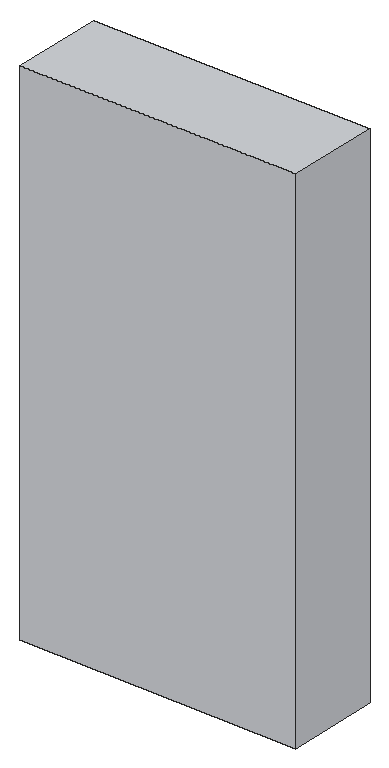
Revit family "NRG_Zentrale_V1700", category Notrufgeräte, Revit 2017
Family settings
  Beschriftungsausrichtung beibehalten = Nein
  Bemaßung runder Anschluss = Durchmesser verwenden
  Teiletyp = Normal
  OmniClass-Nummer = 23.85.30.24
  OmniClass-Titel = Emergency Call Systems
  Arbeitsebenenbasiert = Ja
  Immer vertikal = Ja
  Beim Laden mit Abzugskörper schneiden = Ja
  Gemeinsam genutzt = Nein
  Raumberechnungspunkt = Nein
Parameters (values of type "Zentrale_SR")
  pbr_Material_KZ = ""
  pbr_Material = none
  pbr_E_Typ = ""
  pbr_E_KZ = ""
  pbr_DINBild = 0
  pbr_Bild = 0
  pbr_3Dx_Delta_Korrekturversatz [instance] = 0 mm
  pbr_3DX_Versatzfaktor [instance] = 0
  pbr_2DY_Versatzfaktor [instance] = 0
  pbr_2DX_Versatzfaktor [instance] = 0
  lfd_STRK [instance] = 0
  cpiFitMatchKey [instance] = "E-UVT"  # constant formula
  YFrontversatz [instance] = if(pbr_2DY_Versatzfaktor = 300, 0 mm, pbr_2DY_Versatzfaktor * 300 mm)  # 0 mm
  XSeitenversatz [instance] = 0 mm
  X3Dversatz [instance] = if([3DX_Versatzkontrolle] = 0, 2000 mm, 2000 mm + ([3DX_Versatzkontrolle] * (300 mm - Breite))) + pbr_3Dx_Delta_Korrekturversatz  # 2000 mm
  Vorgabe-Ansicht = 1200 mm
  Verkleidung [instance] = "Typ1"
  Typ [instance] = ""
  Tiefe [instance] = 200 mm
  Text3 [instance] = ""
  Text2 [instance] = ""
  Text1 [instance] = ""
  SR-Zentrale = yes
  Port2 [instance] = ""
  Port1 [instance] = ""
  Planungsbüro Rohling = "www.pbr.de"
  Pfeilsymbol_b = 47.044 mm
  Patchfeld [instance] = ""
  Niveau [instance] = 1200 mm
  Netzart = ""
  Menge(Dosenzahl) [instance] = 0
  Linie/Anschluss [instance] = ""
  Linie [instance] = ""
  Lastklassifizierung = none
  Installationsart [instance] = ""
  Installation [instance] = "Eingelassen"
  Info [instance] = ""
  Höhenwert [instance] = 0 mm
  Höhe [instance] = 1117.6 mm
  HR-Zentrale = no
  Gewerk [instance] = "SR"
  Elementname [instance] = "Schalttafel 400V"
  Durchmesser = 15 mm
  Bus [instance] = ""
  Breite [instance] = 600 mm
  Betriebsstrom ruhe [instance] = 0
  Betriebsstrom max [instance] = 0
  42Schaltkreishöhe = 1117.6 mm
  3DX_Versatzkontrolle [instance] = if(pbr_3DX_Versatzfaktor = 0, (pbr_2DX_Versatzfaktor * -1), (((-1 * pbr_3DX_Versatzfaktor) + pbr_2DX_Versatzfaktor) * -1))  # 0
  3DX_Versatzfaktor [instance] = 0
  3DX_Versatz [instance] = 0 mm
  30Schaltkreishöhe = 965.2 mm
  2DY_Versatzfaktor [instance] = 0
  2DX_Versatzfaktor [instance] = 0
  18Schaltkreishöhe = 965.2 mm
  12Schaltkreishöhe = 965.2 mm
Types (2, lengths in mm): name | SR-Zentrale | HR-Zentrale | Gewerk
  Zentrale_HR | no | yes | "HR"
  Zentrale_SR | yes | no | "SR"
Reference planes
  plane 1 "Mitte (Vorne/Hinten)": y = 0
  plane 2: z = 0
  plane 3 "Mitte (Links/Rechts)": x = 0
  plane 4: y = 200
  plane 5: x = -300
  plane 6: x = 300
  plane 7 "Niveau": z = 1200
  plane 8: z = 2317.6
  plane 9: y = 100
Forms (mm)
  Extrusion 1, solid
    sketch origin (-17.916, -2.559, 0) x (1, 0, 0) y (0, 1, 0)
      loop
        line (-282.084, 2.559) -> (317.916, 2.559) -> (317.916, 202.559) -> (-282.084, 202.559) -> (-282.084, 2.559)
    from 1200 to 2317.6
Lines and regions (mm)
  model lines
    curve 1: line (-300, 200, 0) -> (300, 200, 0)
    curve 2: line (-300, 0, 0) -> (-300, 200, 0)
    curve 3: line (300, 0, 0) -> (-300, 0, 0)
    curve 4: line (300, 200, 0) -> (300, 0, 0)
Dimensions and locks
  equal spacing: plane 5, plane 3 "Mitte (Links/Rechts)", plane 6
  "Tiefe": plane 4 to plane 1 "Mitte (Vorne/Hinten)"
  "Breite": plane 5 to plane 6
  "Höhe": plane 8 to plane 7 "Niveau"
  "Niveau": plane 7 "Niveau" to level
  plane 3 "Mitte (Links/Rechts)" to Extrusion 1 = 300 mm
  equal spacing: plane 4, plane 9, plane 1 "Mitte (Vorne/Hinten)"
  aligned and locked: level to plane 2
  aligned and locked: plane 6 to Extrusion 1
  aligned and locked: plane 1 "Mitte (Vorne/Hinten)" to Extrusion 1
  aligned and locked: plane 4 to Extrusion 1
  aligned and locked: Extrusion 1 to plane 5
  aligned and locked: Extrusion 1 to plane 7 "Niveau"
  aligned and locked: plane 8 to Extrusion 1
  aligned and locked: curve 4 to plane 6
  aligned and locked: plane 5 to curve 2
  aligned and locked: curve 1 to plane 4
  aligned and locked: curve 3 to plane 1 "Mitte (Vorne/Hinten)"
  aligned and locked: plane 3 "Mitte (Links/Rechts)" to nested 1
  aligned and locked: plane 3 "Mitte (Links/Rechts)" to nested 2
Automatic sketch dimensions
  Extrusion 1 sketch curve to plane 4 = 0 mm
  Extrusion 1 sketch curve to plane 5 = 0 mm
  Extrusion 1 sketch curve to plane 6 = 0 mm
  plane 1 "Mitte (Vorne/Hinten)" to Extrusion 1 sketch curve = 0 mm
Nested families
  nested 1: "Schwesternruf-Zentrale" at (0, 0, 0), visible <- "SR-Zentrale", type "Schwesternruf-Zentrale"
    with Winkel 90.00°
  nested 2: "Verteiler Hausrufanlage (lila)" at (0, 0, 0), visible <- "HR-Zentrale", type "Verteiler Hausrufanlage (lila)"
    with Winkel 90.00°
Connectors
  electrical at (0, 100, 2317.6)
    settings: on Extrusion 1, index 1, voltage 400 V, apparent load 0 VA, apparent load phase1 0 VA, apparent load phase2 0 VA, apparent load phase3 0 VA, power factor 1, load classification "Elektro", number of poles 3, system type 12, power factor state 1, is connector primary yes, connector utility no, sub classification motor no, connector description ""
  cabletrayconduit at (0, 100, 2317.6), diameter 15, driven by "Durchmesser"
    settings: on Extrusion 1, index 2, connector width 300 mm, connector height 300 mm, connector angle 0.00°, system type 32, placement type 0, profile type 0, connector reference index -1, is primary connector yes, connector utility param no, connector description ""
  cabletrayconduit at (0, 100, 1200), diameter 15, driven by "Durchmesser"
    settings: on Extrusion 1, index 3, connector width 300 mm, connector height 300 mm, connector angle 0.00°, system type 32, placement type 0, profile type 0, connector reference index -1, is primary connector no, connector utility param no, connector description ""
Definition of nested family "Schwesternruf-Zentrale"
  Parameters (values of type "Schwesternruf-Zentrale")
    Z = yes
    Winkel [instance] = 90.00°
    S = yes
    R = yes
  Reference planes
    plane 1 "Mitte (Vorne/Hinten)": y = 0
    plane 2: z = 0
    plane 3 "Mitte (Links/Rechts)": x = 0
  Lines and regions (mm)
    Filled region 1, type "Beton", in view "Referenzebene", visible <- "Z"
      outline origin (-1959.181, -890.021, 0) x (1, 0, 0) y (0, 1, 0)
        loop
          line (2077.719, 1120.011) -> (2077.719, 1099.19) -> (2173.479, 1099.19) -> (2069.521, 970.813) -> (2069.521, 942.626) -> (2197.682, 942.626) -> (2197.682, 963.19) -> (2090.349, 963.19) -> (2193.532, 1090.609) -> (2193.532, 1120.011) -> (2077.719, 1120.011)
    Filled region 2, type "Beton", in view "Referenzebene", visible <- "R"
      outline origin (-749.436, -890.327, 0) x (1, 0, 0) y (0, 1, 0)
        loop
          line (713.794, 1100.728) -> (713.794, 1041.738) -> (778.794, 1041.738)
          arc (778.794, 1041.738) -> (808.289, 1071.233) -> (778.794, 1100.728) r 29.495
          line (778.794, 1100.728) -> (713.794, 1100.728)
        loop
          line (690.435, 1120.011) -> (690.435, 942.626) -> (713.812, 942.626) -> (713.812, 1021.355) -> (743.347, 1021.355)
          spline (743.347, 1021.355) -> (751.614, 1020.86) -> (756.113, 1019.813) -> (759.33, 1018.707) -> (762.096, 1017.398) -> (764.706, 1015.734) -> (767.134, 1013.913) -> (769.382, 1012.01) -> (771.552, 1009.882) -> (773.807, 1007.385) -> (776.374, 1004.38) -> (779.743, 1000.215) -> (784.766, 993.509)
          line (784.766, 993.509) -> (816.561, 942.626) -> (846.561, 942.626) -> (821.191, 983.227)
          spline (821.191, 983.227) -> (816.586, 989.79) -> (812.548, 995.47) -> (808.977, 1000.333) -> (805.775, 1004.443) -> (802.869, 1007.863) -> (800.322, 1010.622) -> (798.247, 1012.742) -> (796.706, 1014.271) -> (795.338, 1015.488) -> (793.55, 1016.814) -> (790.594, 1018.833) -> (782.879, 1023.344)
          arc (782.879, 1023.344) -> (831.213, 1071.678) -> (782.879, 1120.011) r 48.334
          line (782.879, 1120.011) -> (690.435, 1120.011)
    Filled region 3, type "Beton", in view "Referenzebene", visible <- "S"
      outline origin (-1113.281, -579.377, 0) x (1, 0, 0) y (0, 1, 0)
        loop
          line (986.264, 760.902) -> (1008.519, 762.582)
          spline (1008.519, 762.582) -> (990.489, 800.975) -> (955.824, 814.4) -> (916.948, 811.162) -> (886.972, 789.895) -> (883.081, 752.778) -> (907.511, 727.113) -> (946.512, 715.335) -> (981.807, 702.44) -> (987.096, 668.834) -> (953.753, 653.399) -> (916.242, 660.316) -> (895.031, 694.055)
          line (895.031, 694.055) -> (872.791, 692.109)
          spline (872.791, 692.109) -> (890.329, 651.212) -> (923.697, 634.402) -> (963.052, 633.018) -> (997.277, 648.249) -> (1014.037, 682.185) -> (1001.216, 716.796) -> (967.869, 733.842) -> (927.444, 744.323) -> (902.309, 766.58) -> (925.113, 793.064) -> (963.728, 791.907) -> (986.264, 760.902)
    detail lines, in view "Referenzebene"
      curve 1: line (248.934, 0, 0) -> (248.934, 270, 0)
      curve 2: line (248.934, 270, 0) -> (-256.066, 270, 0)
      curve 3: line (-256.066, 270, 0) -> (-256.066, 0, 0)
      curve 4: line (-256.066, 0, 0) -> (248.934, 0, 0)
Definition of nested family "Verteiler Hausrufanlage (lila)"
  Parameters (values of type "Verteiler Hausrufanlage (lila)")
    Z = yes
    Winkel [instance] = 90.00°
    R = yes
    H = yes
  Reference planes
    plane 1 "Mitte (Vorne/Hinten)": y = 0
    plane 2: z = 0
    plane 3 "Mitte (Links/Rechts)": x = 0
  Lines and regions (mm)
    Filled region 1, type "Beton", in view "Referenzebene", visible <- "H"
      outline origin (654.856, -892.202, 0) x (1, 0, 0) y (0, 1, 0)
        loop
          line (-898.917, 942.626) -> (-875.554, 942.626) -> (-875.554, 1026.379) -> (-783.241, 1026.379) -> (-783.241, 942.626) -> (-759.837, 942.626) -> (-759.837, 1120.011) -> (-783.294, 1120.011) -> (-783.294, 1047.239) -> (-875.554, 1047.239) -> (-875.554, 1120.011) -> (-898.917, 1120.011) -> (-898.917, 942.626)
    Filled region 2, type "Beton", in view "Referenzebene", visible <- "R"
      outline origin (-753.475, -892.202, 0) x (1, 0, 0) y (0, 1, 0)
        loop
          line (713.794, 1100.728) -> (713.794, 1041.738) -> (778.794, 1041.738)
          arc (778.794, 1041.738) -> (808.289, 1071.233) -> (778.794, 1100.728) r 29.495
          line (778.794, 1100.728) -> (713.794, 1100.728)
        loop
          line (690.435, 1120.011) -> (690.435, 942.626) -> (713.812, 942.626) -> (713.812, 1021.355) -> (743.347, 1021.355)
          spline (743.347, 1021.355) -> (751.614, 1020.86) -> (756.113, 1019.813) -> (759.33, 1018.707) -> (762.096, 1017.398) -> (764.706, 1015.734) -> (767.134, 1013.913) -> (769.382, 1012.01) -> (771.552, 1009.882) -> (773.807, 1007.385) -> (776.374, 1004.38) -> (779.743, 1000.215) -> (784.766, 993.509)
          line (784.766, 993.509) -> (816.561, 942.626) -> (846.561, 942.626) -> (821.191, 983.227)
          spline (821.191, 983.227) -> (816.586, 989.79) -> (812.548, 995.47) -> (808.977, 1000.333) -> (805.775, 1004.443) -> (802.869, 1007.863) -> (800.322, 1010.622) -> (798.247, 1012.742) -> (796.706, 1014.271) -> (795.338, 1015.488) -> (793.55, 1016.814) -> (790.594, 1018.833) -> (782.879, 1023.344)
          arc (782.879, 1023.344) -> (831.213, 1071.678) -> (782.879, 1120.011) r 48.334
          line (782.879, 1120.011) -> (690.435, 1120.011)
    Filled region 3, type "Beton", in view "Referenzebene", visible <- "Z"
      outline origin (-1959.286, -891.896, 0) x (1, 0, 0) y (0, 1, 0)
        loop
          line (2073.449, 1120.011) -> (2073.449, 1099.19) -> (2173.479, 1099.19) -> (2063.348, 963.19) -> (2063.348, 942.626) -> (2203.348, 942.626) -> (2203.348, 963.19) -> (2090.349, 963.19) -> (2200.481, 1099.19) -> (2200.481, 1120.011) -> (2073.449, 1120.011)
    detail lines, in view "Referenzebene"
      curve 1: line (248.934, 0, 0) -> (248.934, 270, 0)
      curve 2: line (248.934, 270, 0) -> (-256.066, 270, 0)
      curve 3: line (-256.066, 270, 0) -> (-256.066, 0, 0)
      curve 4: line (-256.066, 0, 0) -> (248.934, 0, 0)
